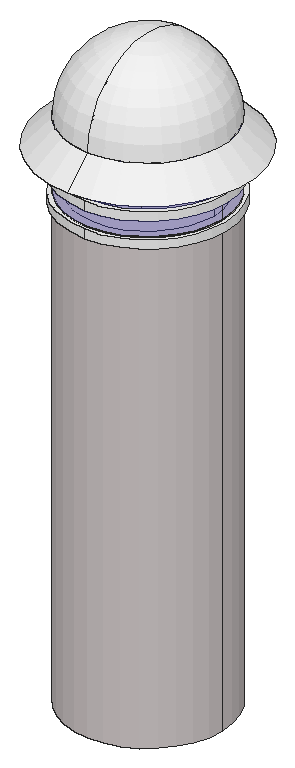
Revit family
Parameters (values of type "Incandescent - 120V")
  Wattage = 100 W
  built-in parameter 1150110 = 1 (stored number, unit not read)
  built-in parameter 1114217 = 1 (stored number, unit not read)
  built-in parameter 1150109 = 1 (stored number, unit not read)
  built-in parameter 1150134 = 4
  built-in parameter 1150113 = 1 (stored number, unit not read)
  Lumens = 1690 lm
  built-in parameter 1150115 = 1 (stored number, unit not read)
  built-in parameter 1150105 = 134.49 (stored number, unit not read)
  Light Source Symbol Size = 609.6 mm
  built-in parameter 1150137 = 1
  built-in parameter 1150139 = (empty or 0)
  built-in parameter 1150112 = 1 (stored number, unit not read)
  built-in parameter 1150114 = 1 (stored number, unit not read)
  Lamp = "A-19"
  built-in parameter 1150132 = (empty or 0)
  built-in parameter 1150102 = (empty or 0)
  built-in parameter 1150138 = (empty or 0)
  built-in parameter 1150107 = 2800 (stored number, unit not read)
  built-in parameter 1150106 = 1.3449 (stored number, unit not read)
  built-in parameter 1150104 = 1.5701 (stored number, unit not read)
  Dimming Lamp Color Temperature Shift = (empty or 0)
  Color Filter = 16777215
  Ballast Voltage = 120 V
  Ballast Number of Poles = 1
  built-in parameter 1114218 = 1 (stored number, unit not read)
  built-in parameter 1150133 = 10 (stored number, unit not read)
  Apparent Load = 100 VA
Types (5, lengths in mm): name | Wattage | built-in parameter 1114217 | Lumens | built-in parameter 1150105 | Lamp | built-in parameter 1150106 | built-in parameter 1150104 | Ballast Voltage | built-in parameter 1114218 | Apparent Load
  (no name) | 100 W | 1 (stored number, unit not read) | 1690 lm | 134.49 (stored number, unit not read) | "A-19" | 1.3449 (stored number, unit not read) | 1.5701 (stored number, unit not read) | 120 V | 1 (stored number, unit not read) | 100 VA
  Incandescent - 120V | 100 W | 1 (stored number, unit not read) | 1690 lm | 134.49 (stored number, unit not read) | "A-19" | 1.3449 (stored number, unit not read) | 1.5701 (stored number, unit not read) | 120 V | 1 (stored number, unit not read) | 100 VA
  Incandescent - 277V | 100 W | 1 (stored number, unit not read) | 1690 lm | 134.49 (stored number, unit not read) | "A-19" | 1.3449 (stored number, unit not read) | 1.5701 (stored number, unit not read) | 277 V | 1 (stored number, unit not read) | 100 VA
  Fluorescent - 120V | 26 W | 0.88 (stored number, unit not read) | 1799.98 lm | 143.24 (stored number, unit not read) | "" | 1.4324 (stored number, unit not read) | 6.4317 (stored number, unit not read) | 120 V | 0.88 (stored number, unit not read) | 26 VA
  Fluorescent - 277V | 26 W | 0.88 (stored number, unit not read) | 1799.98 lm | 143.24 (stored number, unit not read) | "" | 1.4324 (stored number, unit not read) | 6.4317 (stored number, unit not read) | 277 V | 0.88 (stored number, unit not read) | 26 VA
Reference planes
  plane 1 "Light Source Axis": y = -114.3
  plane 2: z = 0
  plane 3 "Light Source Axis": x = -114.3
  plane 4 "Light Source Elevation": z = 762
  plane 5: y = 0
  plane 6: x = 0
  plane 7: y = -228.6
  plane 8: x = -228.6
  plane 9: z = 914.4
  plane 10: z = 800.1
  plane 11: z = 698.5
Forms (mm)
  Extrusion 1, solid, material "Concrete - Precast Concrete"
    sketch origin (0, 0, 0) x (1, 0, 0) y (0, 1, 0)
      loop
        circle (-114.3, -114.3) r 114.3
    from 0 to 698.5
  Extrusion 2, solid, material "Glass"
    sketch origin (0, 0, 0) x (1, 0, 0) y (0, 1, 0)
      loop
        circle (-114.3, -114.3) r 114.3
      loop
        circle (-114.3, -114.3) r 101.6
    from 698.5 to 800.1
  Revolve 3, solid, material "Metal - Steel, Polished"
    sketch origin (-114.3, 0, 0) x (0, 1, 0) y (0, 0, 1)
      loop
        line (-114.3, 914.4) -> (-114.3, 901.7) -> (0, 787.4) -> (0, 762) -> (38.1, 762) -> (0, 800.1)
        arc (0, 800.1) -> (-33.478, 880.922) -> (-114.3, 914.4) r 114.3
      loop
        line (0, 698.5) -> (0, 685.8) -> (6.35, 685.8) -> (6.35, 698.5) -> (0, 698.5)
      loop
        line (0, 736.6) -> (0, 723.9) -> (6.35, 723.9) -> (6.35, 736.6) -> (0, 736.6)
      axis (-114.3, 914.4) -> (-114.3, 685.8)
    angle from 0 to 360
Lines and regions (mm)
  Masking region 1
    outline origin (0, 0, 0) x (1, 0, 0) y (0, 1, 0)
      loop
        circle (-114.3, -114.3) r 152.4
  symbolic lines, style "Exterior"
    curve 1: arc (0, -114.3, 0) -> (-114.3, 0, 0) -> (-228.6, -114.3, 0) r 114.3
    curve 2: arc (-228.6, -114.3, 0) -> (-114.3, -228.6, 0) -> (0, -114.3, 0) r 114.3
    curve 3: arc (38.1, -114.3, 0) -> (-114.3, 38.1, 0) -> (-266.7, -114.3, 0) r 152.4
    curve 4: arc (-266.7, -114.3, 0) -> (-114.3, -266.7, 0) -> (38.1, -114.3, 0) r 152.4
Dimensions and locks
  equal spacing: plane 8, plane 3 "Light Source Axis", plane 6
  plane 8 to plane 6 = 228.6 mm
  plane 7 to plane 5 = 228.6 mm
  equal spacing: plane 7, plane 1 "Light Source Axis", plane 5
  plane 4 "Light Source Elevation" to plane 2 = 762 mm
  plane 9 to plane 2 = 914.4 mm
  locked: plane 9 to plane 10 at 114.3
  locked: plane 10 to plane 11 at 101.6
  aligned and locked: Extrusion 1 to plane 11
  aligned and locked: Extrusion 2 to plane 10
  aligned and locked: Extrusion 2 to Extrusion 1
  aligned and locked: Masking region 1 sketch curve to curve 3
  aligned and locked: plane 3 "Light Source Axis" to imposter light
  aligned and locked: plane 1 "Light Source Axis" to imposter light
  aligned and locked: plane 4 "Light Source Elevation" to imposter light
Connectors
  electrical at (-114.3, -114.3, 698.5), driven by "Apparent Load", driven by "Ballast Voltage", driven by "Ballast Number of Poles"
    settings: on Extrusion 1, index 1
